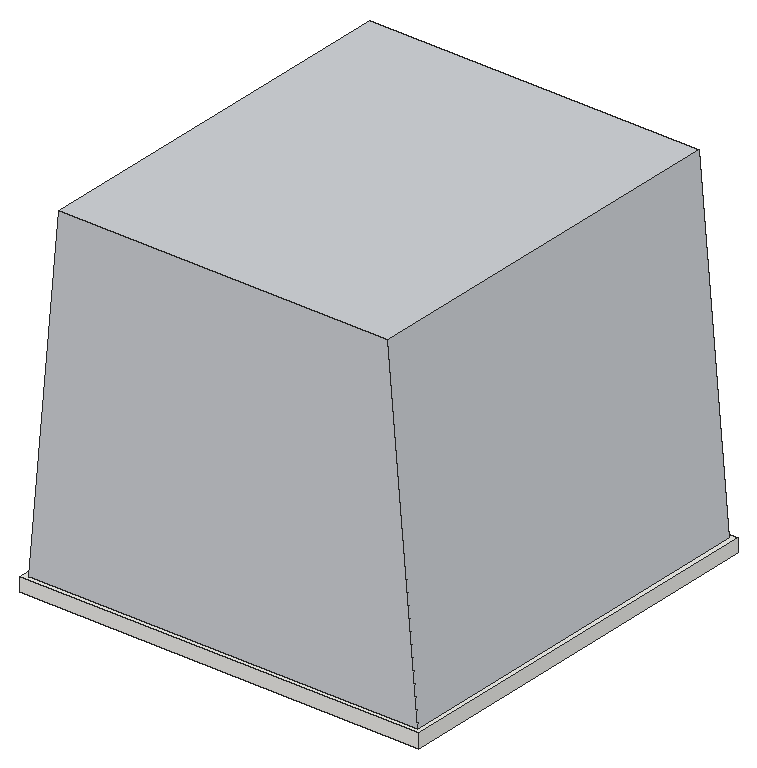
Revit family "MADEL_DIFFUSER _ADJUSTABLE VANES_AXO-S+(BOXSTAR - BOXSTARS)– (1.D1)_0", category Terminales de aire, Revit 2015
Parameters (values of type "AXO-S 300+BOXSTAR")
  n_factor [instance] = if(or(E = 295.0 mm, E = 308.0 mm), 23.878, if(E = 395.0 mm, 23.854, if(E = 495.0 mm, 22.756, if(or(E = 595.0 mm, E = 620.0 mm, E = 670.0 mm), 22.777, if(or(E = 795.0 mm, E = 820.0 mm), 27.287, 1)))))  # 23.878
  m_factor = 1.9099
  c_factor [instance] = if(or(E = 295.0 mm, E = 308.0 mm), 0.1835, if(E = 395.0 mm, 1.4296, if(E = 495.0 mm, 6.3204, if(or(E = 595.0 mm, E = 620.0 mm, E = 670.0 mm), 7.9708, if(or(E = 795.0 mm, E = 820.0 mm), 6.5577, 1)))))  # 0.1835
  b_factor = -2.8597
  V800 = if(or(E = 795.0 mm, E = 820.0 mm), 1 = 1, 1 = 0)  # no
  V600 = if(or(E = 595.0 mm, E = 620.0 mm, E = 670.0 mm), 1 = 1, 1 = 0)  # no
  V500 = if(E = 495.0 mm, 1 = 1, 1 = 0)  # no
  V400 = if(E = 395.0 mm, 1 = 1, 1 = 0)  # no
  V300 = if(or(E = 295.0 mm, E = 308.0 mm), 1 = 1, 1 = 0)  # yes
  T24 [instance] = no
  T15 [instance] = yes
  Standard = "UNE 23-727 M2/ NFP 92-501 M2/ DIN 4102 M2"  # constant formula
  Revit Version = "Revit 2015 - English"  # constant formula
  Review Date = "11/2016"  # constant formula
  R9010 [instance] = no
  R [instance] = yes
  Q [instance] = 155.52 m³/h
  Product Type [instance] = Modelo  # "AXO-S 300+BOXSTAR"
  Product Size = "dim.300"
  Product Reference [instance] = if(BOXSTAR, if(AIS, if(R, if(Nº Options = 4, if(T15, "AXO-S/T15+BOXSTAR-AIS-R", if(T24, "AXO-S/T24+BOXSTAR-AIS-R", "Consult Manufacturer")), if(Nº Options = 3, "AXO-S+BOXSTAR-AIS-R", "Consult Manufacturer")), if(Nº Options = 3, if(T15, "AXO-S/T15+BOXSTAR-AIS", if(T24, "AXO-S/T24+BOXSTAR-AIS", "Consult Manufacturer")), if(Nº Options = 2, "AXO-S+BOXSTAR-AIS", "Consult Manufacturer"))), if(R, if(Nº Options = 3, if(T15, "AXO-S/T15+BOXSTAR-R", if(T24, "AXO-S/T24+BOXSTAR-R", "Consult Manufacturer")), if(Nº Options = 2, "AXO-S+BOXSTAR-R", "Consult Manufacturer")), if(Nº Options = 2, if(T15, "AXO-S/T15+BOXSTAR", if(T24, "AXO-S/T24+BOXSTAR", "Consult Manufacturer")), if(Nº Options = 1, "AXO-S+BOXSTAR", "Consult Manufacturer")))), if([BOXSTAR/S], if(AIS, if(R, if(Nº Options = 4, if(T15, "AXO-S/T15+BOXSTAR/S-AIS-R", if(T24, "AXO-S/T24+BOXSTAR/S-AIS-R", "Consult Manufacturer")), if(Nº Options = 3, "AXO-S+BOXSTAR/S-AIS-R", "Consult Manufacturer")), if(Nº Options = 3, if(T15, "AXO-S/T15+BOXSTAR/S-AIS", if(T24, "AXO-S/T24+BOXSTAR/S-AIS", "Consult Manufacturer")), if(Nº Options = 2, "AXO-S+BOXSTAR/S-AIS", "Consult Manufacturer"))), if(R, if(Nº Options = 3, if(T15, "AXO-S/T15+BOXSTAR/S-R", if(T24, "AXO-S/T24+BOXSTAR/S-R", "Consult Manufacturer")), if(Nº Options = 2, "AXO-S+BOXSTAR/S-R", "Consult Manufacturer")), if(Nº Options = 2, if(T15, "AXO-S/T15+BOXSTAR/S", if(T24, "AXO-S/T24+BOXSTAR/S", "Consult Manufacturer")), if(Nº Options = 1, "AXO-S+BOXSTAR/S", "Consult Manufacturer")))), "Consult Manufacturer"))  # "AXO-S/T15+BOXSTAR-AIS-R"
  Plenum Connection Type [instance] = if(BOXSTAR, "Lateral", "Upper")  # "Lateral"
  Plenum Box = Plenum_BOXSTAR-BOXSTARS (1.D1) : 300
  Nº Plenum Connections [instance] = 1  # constant formula
  Nº Options [instance] = if(AIS, 1, 0) + if(R, 1, 0) + if(T15, 1, 0) + if(T24, 1, 0) + if(BOXSTAR, 1, 0) + if([BOXSTAR/S], 1, 0)  # 4
  Nº Finishes [instance] = if(AB, 1, 0) + if(R9010, 1, 0) + if(M9016, 1, 0)  # 1
  Vmin = 2.5 m/s  # constant formula
  Vmed = (Vmax + Vmin) / 2  # 4.5 m/s
  Vmax = if(or(E = 295.0 mm, E = 308.0 mm), 6.5 m/s, if(E = 395.0 mm, 5.9 m/s, if(E = 495.0 mm, 5.4 m/s, if(or(E = 595.0 mm, E = 620.0 mm, E = 670.0 mm), 5.3 m/s, if(or(E = 795.0 mm, E = 820.0 mm), 4.2 m/s, 1.0 m/s)))))  # 6.5 m/s
  V[m/s] [instance] = Q / Afree / 1.0 m/s  # 4.5
  URL = "http://www.madel.com/en/producto/axo-adjustable-vanes-diffusers/"
  RAL [instance] = ""
  Modelo = "AXO-S 300+BOXSTAR"
  Material and finishes [instance] = if(and(AB, M9016, Nº Finishes = 2), "M9016/AB", if(and(AB, R9010, Nº Finishes = 2), "R9010/AB", if(and(M9016, Nº Finishes = 1), "M9016", if(and(R9010, Nº Finishes = 1), "R9010", if(Nº Finishes = 0, "Custom RAL ", "Consult Manufacturer")))))  # "M9016"
  Material Plenum Box = none
  Material Difusser = MADEL_M9016
  Material Blades = MADEL_AN
  M9016 [instance] = yes
  Imagen de tipo = <Ninguno>
  Lw (dB(A)) [instance] = n_factor * (log([V[m/s]]) / log(2.7183)) + c_factor  # 36.0979
  IfcExportType = "IfcAirTerminalType"  # constant formula
  IfcExportAs = "IfcAirTerminalType"  # constant formula
  Flujo mín. = Vmin * Afree  # 86.4 m³/h
  Flujo máx. = Vmax * Afree  # 224.64 m³/h
  Fabricante = "MADEL"  # constant formula
  Family Version = "1.0"  # constant formula
  E = 295.0 mm
  Diffuser Grill = (R) AXO-S : 300
  Descripción = "MADEL_Adjustable vanes diffusers"  # constant formula
  D_Connector = 125.0 mm
  DPt [instance] = (10 ^ (log(Q / 1 m³/h) * m_factor + b_factor)) * 1.0 Pa  # 21.2032 Pa
  D = E - 20.0 mm  # 275.0 mm
  Comentarios de tipo = "The AXO swirl diffusers are designed to be applied in air conditioning ventilation and heating systems. They can be mounted in false ceilings or suspended from ceiling. The design of their vanes and its radial arrangement in the diffuser cause a swirl air supply with a coanda effect, which provides a high level of induction rate of the air in the atmosphere and reducing the stratification. Their individually adjustable vanes allow to change the supply angle to adjust the diffuser to the different architectonics environments. Their sectored vanes emit a uniform air flow all over the passage section. The AXO series diffusers admit a flow variation of 60% keeping the air stream stable. These diffusers can be used from 2,6 up to 4 meters high and at a temperature differential up to 12ºC."  # constant formula
  Created by = "BIMETRICAL"  # constant formula
  BOXSTAR/S [instance] = if(BOXSTAR, 1 = 0, 1 = 1)  # no
  BOXSTAR [instance] = yes
  BIMETRICAL Category = "AirTerminal"  # constant formula
  BIMETRICAL = "http://www.bimetrical.com"  # constant formula
  Afree = if(or(E = 295.0 mm, E = 308.0 mm), 0.0096 m², if(E = 395.0 mm, 0.0201 m², if(E = 495.0 mm, 0.0290 m², if(or(E = 595.0 mm, E = 620.0 mm, E = 670.0 mm), 0.0440 m², if(or(E = 795.0 mm, E = 820.0 mm), 0.0680 m², 1.0000 m²)))))  # 0.0096 m²
  AIS [instance] = yes
  AB [instance] = no
  A = 280.0 mm
Reference planes
  plane 1 "Centro (Frontal/Posterior)": z = 0
  plane 2: y = 435
  plane 3 "Centro (Izquierda/Derecha)": x = 0
  plane 4: x = -147.5
  plane 5: x = 147.5
  plane 6: y = 287.5
  plane 7: y = 582.5
  plane 8: z = -10
  plane 9: z = 14
Forms (mm)
  Extrusion 1, solid, material "MADEL_M9016" <- "Material Difusser", detail levels coarse
    sketch origin (0, -1220, 0) x (1, 0, 0) y (0, 1, 0)
      loop
        line (-147.5, 1507.5) -> (147.5, 1507.5) -> (147.5, 1802.5) -> (-147.5, 1802.5) -> (-147.5, 1507.5)
    from -10 to 0
  Extrusion 2, solid, material "MADEL_M9016" <- "Material Difusser", detail levels coarse
    sketch origin (0, 0, 0) x (1, 0, 0) y (0, 1, 0)
      loop
        circle (0, 435) r 137.5
    from 0 to 14
Lines and regions (mm)
  symbolic lines, style "0", visible <- "V300"
    curve 1: line (55.166, 466.85, 0) -> (119.512, 504, 0)
    curve 2: line (49.2, 435, 0) -> (123.5, 435, 0)
    curve 3: line (31.85, 490.166, 0) -> (69, 554.512, 0)
    curve 4: line (0, 484.2, 0) -> (0, 558.5, 0)
    curve 5: line (55.166, 403.15, 0) -> (119.512, 366, 0)
    curve 6: line (31.85, 379.834, 0) -> (69, 315.488, 0)
    curve 7: line (0, 385.8, 0) -> (0, 311.5, 0)
    curve 8: line (-55.166, 466.85, 0) -> (-119.512, 504, 0)
    curve 9: line (-31.85, 490.166, 0) -> (-69, 554.512, 0)
    curve 10: line (-55.166, 403.15, 0) -> (-119.512, 366, 0)
    curve 11: line (-31.85, 379.834, 0) -> (-69, 315.488, 0)
    curve 208: line (-49.2, 435, 0) -> (-123.5, 435, 0)
  symbolic lines, style "0", visible <- "V300", not visible
    curve 12: line (-740.365, 118.664, 0) -> (-777.515, 183.009, 0)
    curve 13: line (-708.515, 112.698, 0) -> (-708.515, 186.998, 0)
    curve 14: line (-763.681, 95.348, 0) -> (-828.027, 132.498, 0)
    curve 15: line (-757.715, 63.498, 0) -> (-832.015, 63.498, 0)
    curve 16: line (-676.665, 118.664, 0) -> (-639.515, 183.009, 0)
    curve 17: line (-653.35, 95.348, 0) -> (-589.004, 132.498, 0)
    curve 18: line (-659.315, 63.498, 0) -> (-585.015, 63.498, 0)
    curve 19: line (-740.365, 8.332, 0) -> (-777.515, -56.014, 0)
    curve 20: line (-708.515, 14.298, 0) -> (-708.515, -60.002, 0)
    curve 21: line (-763.681, 31.648, 0) -> (-828.027, -5.502, 0)
    curve 22: line (-676.665, 8.332, 0) -> (-639.515, -56.014, 0)
    curve 23: line (-653.35, 31.648, 0) -> (-589.004, -5.502, 0)
  symbolic lines, style "0", visible <- "V400"
    curve 24: line (-80.254, 376.692, 0) -> (-140.364, 333.019, 0)
    curve 25: line (-101.981, 294.636, 0) -> (-39.029, 381.281, 0)
    curve 26: line (-30.654, 340.655, 0) -> (-53.614, 269.992, 0)
    curve 27: line (0, 368.6, 0) -> (0, 261.5, 0)
    curve 28: line (-63.15, 414.481, 0) -> (-165.008, 381.386, 0)
    curve 29: line (-99.2, 435, 0) -> (-173.5, 435, 0)
    curve 30: line (-80.254, 493.308, 0) -> (-140.364, 536.981, 0)
    curve 31: line (-101.981, 575.364, 0) -> (-39.029, 488.719, 0)
    curve 32: line (-30.654, 529.345, 0) -> (-53.614, 600.008, 0)
    curve 33: line (0, 501.4, 0) -> (0, 608.5, 0)
    curve 34: line (-63.15, 455.519, 0) -> (-165.008, 488.614, 0)
    curve 35: line (80.254, 376.692, 0) -> (140.364, 333.019, 0)
    curve 36: line (101.981, 294.636, 0) -> (39.029, 381.281, 0)
    curve 37: line (30.654, 340.655, 0) -> (53.614, 269.992, 0)
    curve 38: line (63.15, 414.481, 0) -> (165.008, 381.386, 0)
    curve 39: line (99.2, 435, 0) -> (173.5, 435, 0)
    curve 40: line (80.254, 493.308, 0) -> (140.364, 536.981, 0)
    curve 41: line (101.981, 575.364, 0) -> (39.029, 488.719, 0)
    curve 42: line (30.654, 529.345, 0) -> (53.614, 600.008, 0)
    curve 43: line (63.15, 455.519, 0) -> (165.008, 488.614, 0)
  symbolic lines, style "0", visible <- "V400", not visible
    curve 44: line (-596.024, 364.941, 0) -> (-639.696, 425.051, 0)
    curve 45: line (-678.08, 386.667, 0) -> (-591.434, 323.716, 0)
    curve 46: line (-632.061, 315.341, 0) -> (-702.724, 338.301, 0)
    curve 47: line (-604.116, 284.687, 0) -> (-711.216, 284.687, 0)
    curve 48: line (-558.234, 347.837, 0) -> (-591.33, 449.695, 0)
    curve 49: line (-537.716, 383.887, 0) -> (-537.716, 458.187, 0)
    curve 50: line (-479.407, 364.941, 0) -> (-435.735, 425.051, 0)
    curve 51: line (-397.351, 386.667, 0) -> (-483.997, 323.716, 0)
    curve 52: line (-443.371, 315.341, 0) -> (-372.707, 338.301, 0)
    curve 53: line (-471.316, 284.687, 0) -> (-364.216, 284.687, 0)
    curve 54: line (-517.197, 347.837, 0) -> (-484.101, 449.695, 0)
    curve 55: line (-596.024, 204.432, 0) -> (-639.696, 144.322, 0)
    curve 56: line (-678.08, 182.706, 0) -> (-591.434, 245.658, 0)
    curve 57: line (-632.061, 254.032, 0) -> (-702.724, 231.072, 0)
    curve 58: line (-558.234, 221.537, 0) -> (-591.33, 119.678, 0)
    curve 59: line (-537.716, 185.487, 0) -> (-537.716, 111.187, 0)
    curve 60: line (-479.407, 204.432, 0) -> (-435.735, 144.322, 0)
    curve 61: line (-397.351, 182.706, 0) -> (-483.997, 245.658, 0)
    curve 62: line (-443.371, 254.032, 0) -> (-372.707, 231.072, 0)
    curve 63: line (-517.197, 221.537, 0) -> (-484.101, 119.678, 0)
  symbolic lines, style "0", visible <- "V500"
    curve 64: line (222.524, 434.986, 0) -> (77.824, 434.986, 0)
    curve 65: line (143.174, 473.343, 0) -> (214.942, 492.573, 0)
    curve 66: line (67.4, 473.886, 0) -> (192.714, 546.236, 0)
    curve 67: line (104.817, 539.779, 0) -> (157.355, 592.317, 0)
    curve 68: line (38.924, 502.363, 0) -> (111.274, 627.677, 0)
    curve 69: line (57.611, 649.905, 0) -> (38.381, 578.136, 0)
    curve 70: line (0.024, 512.786, 0) -> (0.024, 657.486, 0)
    curve 71: line (143.174, 396.629, 0) -> (214.942, 377.399, 0)
    curve 72: line (67.4, 396.086, 0) -> (192.714, 323.736, 0)
    curve 73: line (104.817, 330.193, 0) -> (157.355, 277.655, 0)
    curve 74: line (38.924, 367.609, 0) -> (111.274, 242.295, 0)
    curve 75: line (57.611, 220.068, 0) -> (38.381, 291.836, 0)
    curve 76: line (0.024, 357.186, 0) -> (0.024, 212.486, 0)
    curve 77: line (-222.476, 434.986, 0) -> (-77.776, 434.986, 0)
    curve 78: line (-143.127, 473.343, 0) -> (-214.895, 492.573, 0)
    curve 79: line (-67.353, 473.886, 0) -> (-192.667, 546.236, 0)
    curve 80: line (-104.77, 539.779, 0) -> (-157.308, 592.317, 0)
    curve 81: line (-38.876, 502.363, 0) -> (-111.226, 627.677, 0)
    curve 82: line (-57.564, 649.905, 0) -> (-38.333, 578.136, 0)
    curve 83: line (-143.127, 396.629, 0) -> (-214.895, 377.399, 0)
    curve 84: line (-67.353, 396.086, 0) -> (-192.667, 323.736, 0)
    curve 85: line (-104.77, 330.193, 0) -> (-157.308, 277.655, 0)
    curve 86: line (-38.876, 367.609, 0) -> (-111.226, 242.295, 0)
    curve 87: line (-57.564, 220.068, 0) -> (-38.333, 291.836, 0)
  symbolic lines, style "0", visible <- "V500", not visible
    curve 88: line (-762.892, 842.571, 0) -> (-762.892, 697.871, 0)
    curve 89: line (-801.249, 763.221, 0) -> (-820.479, 834.989, 0)
    curve 90: line (-801.792, 687.448, 0) -> (-874.142, 812.762, 0)
    curve 91: line (-867.685, 724.864, 0) -> (-920.223, 777.402, 0)
    curve 92: line (-830.269, 658.971, 0) -> (-955.583, 731.321, 0)
    curve 93: line (-977.81, 677.658, 0) -> (-906.042, 658.428, 0)
    curve 94: line (-840.692, 620.071, 0) -> (-985.392, 620.071, 0)
    curve 95: line (-724.535, 763.221, 0) -> (-705.305, 834.989, 0)
    curve 96: line (-723.992, 687.448, 0) -> (-651.642, 812.762, 0)
    curve 97: line (-658.099, 724.864, 0) -> (-605.561, 777.402, 0)
    curve 98: line (-695.515, 658.971, 0) -> (-570.201, 731.321, 0)
    curve 99: line (-547.973, 677.658, 0) -> (-619.742, 658.428, 0)
    curve 100: line (-685.092, 620.071, 0) -> (-540.392, 620.071, 0)
    curve 101: line (-762.892, 397.571, 0) -> (-762.892, 542.271, 0)
    curve 102: line (-801.249, 476.921, 0) -> (-820.479, 405.152, 0)
    curve 103: line (-801.792, 552.694, 0) -> (-874.142, 427.38, 0)
    curve 104: line (-867.685, 515.278, 0) -> (-920.223, 462.74, 0)
    curve 105: line (-830.269, 581.171, 0) -> (-955.583, 508.821, 0)
    curve 106: line (-977.81, 562.484, 0) -> (-906.042, 581.714, 0)
    curve 107: line (-724.535, 476.921, 0) -> (-705.305, 405.152, 0)
    curve 108: line (-723.992, 552.694, 0) -> (-651.642, 427.38, 0)
    curve 109: line (-658.099, 515.278, 0) -> (-605.561, 462.74, 0)
    curve 110: line (-695.515, 581.171, 0) -> (-570.201, 508.821, 0)
    curve 111: line (-547.973, 562.484, 0) -> (-619.742, 581.714, 0)
  symbolic lines, style "0", visible <- "V600"
    curve 112: line (274.384, 434.986, 0) -> (64.284, 434.986, 0)
    curve 113: line (161.288, 477.795, 0) -> (264.738, 505.514, 0)
    curve 114: line (55.875, 466.366, 0) -> (237.827, 571.416, 0)
    curve 115: line (118.479, 551.942, 0) -> (194.21, 627.673, 0)
    curve 116: line (32.904, 489.338, 0) -> (137.954, 671.29, 0)
    curve 117: line (72.052, 698.201, 0) -> (44.332, 594.75, 0)
    curve 118: line (1.524, 497.746, 0) -> (1.524, 707.846, 0)
    curve 119: line (161.288, 392.177, 0) -> (264.738, 364.458, 0)
    curve 120: line (55.875, 403.606, 0) -> (237.827, 298.556, 0)
    curve 121: line (118.479, 318.031, 0) -> (194.21, 242.299, 0)
    curve 122: line (32.904, 380.634, 0) -> (137.954, 198.682, 0)
    curve 123: line (72.052, 171.771, 0) -> (44.332, 275.222, 0)
    curve 124: line (1.524, 372.226, 0) -> (1.524, 162.126, 0)
    curve 125: line (-271.336, 434.986, 0) -> (-61.236, 434.986, 0)
    curve 126: line (-158.24, 477.795, 0) -> (-261.691, 505.514, 0)
    curve 127: line (-52.828, 466.366, 0) -> (-234.78, 571.416, 0)
    curve 128: line (-115.432, 551.942, 0) -> (-191.163, 627.673, 0)
    curve 129: line (-29.856, 489.338, 0) -> (-134.906, 671.29, 0)
    curve 130: line (-69.005, 698.201, 0) -> (-41.285, 594.75, 0)
    curve 131: line (-158.24, 392.177, 0) -> (-261.691, 364.458, 0)
    curve 132: line (-52.828, 403.606, 0) -> (-234.78, 298.556, 0)
    curve 133: line (-115.432, 318.031, 0) -> (-191.163, 242.299, 0)
    curve 134: line (-29.856, 380.634, 0) -> (-134.906, 198.682, 0)
    curve 135: line (-69.005, 171.771, 0) -> (-41.285, 275.222, 0)
  symbolic lines, style "0", visible <- "V600", not visible
    curve 136: line (-880.955, -7.021, 0) -> (-880.955, -217.121, 0)
    curve 137: line (-923.763, -120.117, 0) -> (-951.483, -16.666, 0)
    curve 138: line (-912.335, -225.529, 0) -> (-1017.385, -43.577, 0)
    curve 139: line (-997.91, -162.926, 0) -> (-1073.641, -87.194, 0)
    curve 140: line (-935.307, -248.501, 0) -> (-1117.258, -143.451, 0)
    curve 141: line (-1144.17, -209.353, 0) -> (-1040.719, -237.072, 0)
    curve 142: line (-943.715, -279.881, 0) -> (-1153.815, -279.881, 0)
    curve 143: line (-838.146, -120.117, 0) -> (-810.427, -16.666, 0)
    curve 144: line (-849.575, -225.529, 0) -> (-744.525, -43.577, 0)
    curve 145: line (-763.999, -162.926, 0) -> (-688.268, -87.194, 0)
    curve 146: line (-826.603, -248.501, 0) -> (-644.651, -143.451, 0)
    curve 147: line (-617.74, -209.353, 0) -> (-721.191, -237.072, 0)
    curve 148: line (-818.195, -279.881, 0) -> (-608.095, -279.881, 0)
    curve 149: line (-880.955, -552.741, 0) -> (-880.955, -342.641, 0)
    curve 150: line (-923.763, -439.645, 0) -> (-951.483, -543.096, 0)
    curve 151: line (-912.335, -334.233, 0) -> (-1017.385, -516.185, 0)
    curve 152: line (-997.91, -396.837, 0) -> (-1073.641, -472.568, 0)
    curve 153: line (-935.307, -311.261, 0) -> (-1117.258, -416.311, 0)
    curve 154: line (-1144.17, -350.409, 0) -> (-1040.719, -322.69, 0)
    curve 155: line (-838.146, -439.645, 0) -> (-810.427, -543.096, 0)
    curve 156: line (-849.575, -334.233, 0) -> (-744.525, -516.185, 0)
    curve 157: line (-763.999, -396.837, 0) -> (-688.268, -472.568, 0)
    curve 158: line (-826.603, -311.261, 0) -> (-644.651, -416.311, 0)
    curve 159: line (-617.74, -350.409, 0) -> (-721.191, -322.69, 0)
  symbolic lines, style "0", visible <- "V800"
    curve 160: line (0, 62.62, 0) -> (0, 342.82, 0)
    curve 161: line (-41.996, 278.269, 0) -> (-96.374, 75.328, 0)
    curve 162: line (-186.19, 112.509, 0) -> (-46.09, 355.17, 0)
    curve 163: line (-114.735, 320.265, 0) -> (-263.298, 171.702, 0)
    curve 164: line (-79.83, 388.91, 0) -> (-322.491, 248.81, 0)
    curve 165: line (-156.731, 393.004, 0) -> (-359.672, 338.626, 0)
    curve 166: line (-92.18, 435, 0) -> (-372.38, 435, 0)
    curve 167: line (0, 807.38, 0) -> (0, 527.18, 0)
    curve 168: line (-41.996, 591.731, 0) -> (-96.374, 794.672, 0)
    curve 169: line (-186.19, 757.491, 0) -> (-46.09, 514.83, 0)
    curve 170: line (-114.735, 549.735, 0) -> (-263.298, 698.298, 0)
    curve 171: line (-79.83, 481.09, 0) -> (-322.491, 621.19, 0)
    curve 172: line (-156.731, 476.996, 0) -> (-359.672, 531.374, 0)
    curve 173: line (41.996, 278.269, 0) -> (96.374, 75.328, 0)
    curve 174: line (186.19, 112.509, 0) -> (46.09, 355.17, 0)
    curve 175: line (114.735, 320.265, 0) -> (263.298, 171.702, 0)
    curve 176: line (79.83, 388.91, 0) -> (322.491, 248.81, 0)
    curve 177: line (156.731, 393.004, 0) -> (359.672, 338.626, 0)
    curve 178: line (92.18, 435, 0) -> (372.38, 435, 0)
    curve 179: line (41.996, 591.731, 0) -> (96.374, 794.672, 0)
    curve 180: line (186.19, 757.491, 0) -> (46.09, 514.83, 0)
    curve 181: line (114.735, 549.735, 0) -> (263.298, 698.298, 0)
    curve 182: line (79.83, 481.09, 0) -> (322.491, 621.19, 0)
    curve 183: line (156.731, 476.996, 0) -> (359.672, 531.374, 0)
  symbolic lines, style "0", visible <- "V800", not visible
    curve 184: line (-1418.736, -311.294, 0) -> (-1138.536, -311.294, 0)
    curve 185: line (-1203.087, -269.298, 0) -> (-1406.028, -214.92, 0)
    curve 186: line (-1368.846, -125.104, 0) -> (-1126.186, -265.204, 0)
    curve 187: line (-1161.091, -196.559, 0) -> (-1309.654, -47.996, 0)
    curve 188: line (-1092.446, -231.464, 0) -> (-1232.546, 11.197, 0)
    curve 189: line (-1088.352, -154.563, 0) -> (-1142.73, 48.378, 0)
    curve 190: line (-1046.356, -219.114, 0) -> (-1046.356, 61.086, 0)
    curve 191: line (-673.976, -311.294, 0) -> (-954.176, -311.294, 0)
    curve 192: line (-889.625, -269.298, 0) -> (-686.684, -214.92, 0)
    curve 193: line (-723.865, -125.104, 0) -> (-966.526, -265.204, 0)
    curve 194: line (-931.621, -196.559, 0) -> (-783.058, -47.996, 0)
    curve 195: line (-1000.266, -231.464, 0) -> (-860.166, 11.197, 0)
    curve 196: line (-1004.36, -154.563, 0) -> (-949.982, 48.378, 0)
    curve 197: line (-1203.087, -353.29, 0) -> (-1406.028, -407.668, 0)
    curve 198: line (-1368.846, -497.484, 0) -> (-1126.186, -357.384, 0)
    curve 199: line (-1161.091, -426.029, 0) -> (-1309.654, -574.592, 0)
    curve 200: line (-1092.446, -391.124, 0) -> (-1232.546, -633.785, 0)
    curve 201: line (-1088.352, -468.025, 0) -> (-1142.73, -670.966, 0)
    curve 202: line (-1046.356, -403.474, 0) -> (-1046.356, -683.674, 0)
    curve 203: line (-889.625, -353.29, 0) -> (-686.684, -407.668, 0)
    curve 204: line (-723.865, -497.484, 0) -> (-966.526, -357.384, 0)
    curve 205: line (-931.621, -426.029, 0) -> (-783.058, -574.592, 0)
    curve 206: line (-1000.266, -391.124, 0) -> (-860.166, -633.785, 0)
    curve 207: line (-1004.36, -468.025, 0) -> (-949.982, -670.966, 0)
  symbolic lines, style "0"
    curve 209: line (-147.5, 582.5, 0) -> (-147.5, 287.5, 0)
    curve 210: line (-147.5, 287.5, 0) -> (147.5, 287.5, 0)
    curve 211: line (147.5, 287.5, 0) -> (147.5, 582.5, 0)
    curve 212: line (147.5, 582.5, 0) -> (-147.5, 582.5, 0)
Dimensions and locks
  equal spacing: plane 7, plane 2, plane 6
  "E": plane 7 to plane 6
  locked: plane 1 "Centro (Frontal/Posterior)" to plane 8 at 10
  equal spacing: plane 4, plane 3 "Centro (Izquierda/Derecha)", plane 5
  locked: plane 9 to plane 1 "Centro (Frontal/Posterior)" at 14
  "E": plane 4 to plane 5
  "D": diameter of Extrusion 2 sketch curve
  aligned and locked: Extrusion 1 to plane 8
  aligned and locked: Extrusion 1 to plane 1 "Centro (Frontal/Posterior)"
  aligned and locked: Extrusion 1 sketch curve to plane 4
  aligned and locked: plane 7 to Extrusion 1 sketch curve
  aligned and locked: plane 5 to Extrusion 1 sketch curve
  aligned and locked: Extrusion 1 sketch curve to plane 6
  aligned and locked: plane 1 "Centro (Frontal/Posterior)" to Extrusion 2
  aligned and locked: plane 9 to Extrusion 2
  aligned and locked: plane 3 "Centro (Izquierda/Derecha)" to Extrusion 2 sketch curve
  aligned and locked: plane 2 to Extrusion 2 sketch curve
  aligned and locked: plane 7 to curve 212
  aligned and locked: curve 209 to plane 4
  aligned and locked: plane 5 to curve 211
  aligned and locked: curve 210 to plane 6
Automatic sketch dimensions
  curve 4 to curve 3 = 3.988 mm
  curve 4 to curve 9 = 3.988 mm
  curve 9 to curve 8 = 50.512 mm
  curve 3 to curve 1 = 50.512 mm  (x2)
  curve 3 to curve 3 = 64.346 mm
  curve 9 to curve 3 = 0.0 mm
  curve 3 to curve 4 = 5.966 mm
  curve 3 to curve 1 = 23.316 mm
  curve 9 to curve 8 = 23.316 mm
  curve 8 to curve 208 = 31.85 mm
  curve 1 to curve 2 = 31.85 mm
  curve 208 to curve 10 = 31.85 mm
  curve 2 to curve 5 = 31.85 mm
  curve 5 to curve 7 = 17.35 mm
  curve 7 to curve 11 = 5.966 mm
  curve 7 to curve 6 = 5.966 mm
  curve 2 to curve 5 = 69.0 mm
  curve 208 to curve 10 = 69.0 mm
  curve 5 to curve 6 = 50.512 mm
  curve 10 to curve 11 = 50.512 mm  (x2)
  curve 6 to curve 7 = 3.988 mm
  curve 208 to curve 8 = 3.988 mm
  curve 208 to curve 10 = 3.988 mm
  curve 8 to curve 9 = 50.512 mm
  curve 10 to curve 10 = 64.346 mm
  curve 8 to curve 10 = 0.0 mm
  curve 10 to curve 208 = 5.966 mm
  curve 10 to curve 11 = 23.316 mm
  curve 8 to curve 9 = 23.316 mm
  curve 9 to curve 4 = 69.0 mm
  curve 4 to curve 3 = 31.85 mm
  curve 7 to curve 6 = 31.85 mm
  curve 6 to curve 2 = 17.35 mm
  curve 2 to curve 1 = 5.966 mm
  curve 2 to curve 5 = 5.966 mm
  curve 4 to curve 3 = 69.0 mm
  curve 7 to curve 6 = 69.0 mm
  curve 6 to curve 5 = 50.512 mm
  curve 5 to curve 2 = 3.988 mm
  curve 15 to curve 14 = 3.988 mm
  curve 15 to curve 21 = 3.988 mm
  curve 21 to curve 19 = 50.512 mm
  curve 14 to curve 12 = 50.512 mm  (x2)
  curve 14 to curve 14 = 64.346 mm
  curve 21 to curve 14 = 0.0 mm
  curve 14 to curve 15 = 5.966 mm
  curve 14 to curve 12 = 23.316 mm
  curve 21 to curve 19 = 23.316 mm
  curve 19 to curve 20 = 31.85 mm
  curve 12 to curve 13 = 31.85 mm
  curve 20 to curve 22 = 31.85 mm
  curve 13 to curve 16 = 31.85 mm
  curve 16 to curve 18 = 17.35 mm
  curve 18 to curve 23 = 5.966 mm
  curve 18 to curve 17 = 5.966 mm
  curve 13 to curve 16 = 69.0 mm
  curve 20 to curve 22 = 69.0 mm
  curve 16 to curve 17 = 50.512 mm
  curve 22 to curve 23 = 50.512 mm  (x2)
  curve 17 to curve 18 = 3.988 mm
  curve 20 to curve 19 = 3.988 mm
  curve 20 to curve 22 = 3.988 mm
  curve 19 to curve 21 = 50.512 mm
  curve 22 to curve 22 = 64.346 mm
  curve 19 to curve 22 = 0.0 mm
  curve 22 to curve 20 = 5.966 mm
  curve 22 to curve 23 = 23.316 mm
  curve 19 to curve 21 = 23.316 mm
  curve 21 to curve 15 = 69.0 mm
  curve 15 to curve 14 = 31.85 mm
  curve 18 to curve 17 = 31.85 mm
  curve 17 to curve 13 = 17.35 mm
  curve 13 to curve 12 = 5.966 mm
  curve 13 to curve 16 = 5.966 mm
  curve 15 to curve 14 = 69.0 mm
  curve 18 to curve 17 = 69.0 mm
  curve 17 to curve 16 = 50.512 mm
  curve 16 to curve 13 = 3.988 mm
  curve 27 to curve 26 = 8.492 mm
  curve 27 to curve 37 = 8.492 mm
  curve 37 to curve 36 = 24.644 mm
  curve 26 to curve 25 = 24.644 mm
  curve 25 to curve 24 = 38.384 mm  (x2)
  curve 36 to curve 35 = 38.384 mm
  curve 37 to curve 37 = 70.663 mm
  curve 26 to curve 37 = 0.0 mm
  curve 37 to curve 27 = 27.945 mm
  curve 37 to curve 35 = 36.037 mm
  curve 26 to curve 24 = 36.037 mm
  curve 27 to curve 25 = 12.681 mm
  curve 27 to curve 36 = 12.681 mm
  curve 35 to curve 38 = 48.366 mm
  curve 24 to curve 28 = 48.366 mm
  curve 36 to curve 38 = 33.2 mm
  curve 25 to curve 28 = 33.2 mm
  curve 38 to curve 39 = 20.519 mm
  curve 28 to curve 29 = 20.519 mm
  curve 38 to curve 43 = 41.037 mm
  curve 28 to curve 34 = 41.037 mm
  curve 29 to curve 34 = 53.614 mm
  curve 39 to curve 43 = 53.614 mm
  curve 43 to curve 41 = 33.2 mm
  curve 34 to curve 31 = 33.2 mm
  curve 31 to curve 30 = 4.59 mm
  curve 43 to curve 40 = 37.79 mm
  curve 41 to curve 33 = 12.681 mm
  curve 33 to curve 42 = 27.945 mm
  curve 33 to curve 32 = 27.945 mm
  curve 34 to curve 30 = 48.366 mm
  curve 43 to curve 40 = 48.366 mm
  curve 30 to curve 31 = 38.384 mm
  curve 40 to curve 41 = 38.384 mm  (x2)
  curve 31 to curve 32 = 24.644 mm
  curve 41 to curve 42 = 24.644 mm
  curve 42 to curve 33 = 8.492 mm
  curve 39 to curve 38 = 8.492 mm
  curve 39 to curve 43 = 8.492 mm
  curve 38 to curve 35 = 24.644 mm
  curve 43 to curve 40 = 24.644 mm
  curve 35 to curve 36 = 38.384 mm
  curve 39 to curve 39 = 74.3 mm
  curve 39 to curve 40 = 18.946 mm
  curve 39 to curve 35 = 18.946 mm
  curve 39 to curve 43 = 36.05 mm
  curve 38 to curve 43 = 0.0 mm
  curve 36 to curve 37 = 48.366 mm
  curve 41 to curve 42 = 48.366 mm
  curve 38 to curve 36 = 24.121 mm
  curve 43 to curve 41 = 24.121 mm
  curve 36 to curve 37 = 8.374 mm
  curve 41 to curve 42 = 8.374 mm
  curve 42 to curve 33 = 53.614 mm
  curve 36 to curve 27 = 39.029 mm
  curve 27 to curve 26 = 30.654 mm
  curve 33 to curve 32 = 30.654 mm
  curve 27 to curve 25 = 39.029 mm
  curve 33 to curve 31 = 39.029 mm
  curve 27 to curve 26 = 53.614 mm
  curve 33 to curve 32 = 53.614 mm
  curve 25 to curve 28 = 24.121 mm
  curve 31 to curve 34 = 24.121 mm
  curve 31 to curve 30 = 41.226 mm
  curve 25 to curve 24 = 41.226 mm
  curve 34 to curve 29 = 36.05 mm
  curve 32 to curve 31 = 48.366 mm
  curve 26 to curve 25 = 48.366 mm
  curve 31 to curve 30 = 38.384 mm
  curve 24 to curve 28 = 24.644 mm
  curve 30 to curve 34 = 24.644 mm
  curve 34 to curve 29 = 8.492 mm
  curve 47 to curve 46 = 8.492 mm
  curve 47 to curve 57 = 8.492 mm
  curve 57 to curve 56 = 24.644 mm
  curve 46 to curve 45 = 24.644 mm
  curve 45 to curve 44 = 38.384 mm  (x2)
  curve 56 to curve 55 = 38.384 mm
  curve 57 to curve 57 = 70.663 mm
  curve 46 to curve 57 = 0.0 mm
  curve 57 to curve 47 = 27.945 mm
  curve 57 to curve 55 = 36.037 mm
  curve 46 to curve 44 = 36.037 mm
  curve 47 to curve 45 = 12.681 mm
  curve 47 to curve 56 = 12.681 mm
  curve 55 to curve 58 = 48.366 mm
  curve 44 to curve 48 = 48.366 mm
  curve 56 to curve 58 = 33.2 mm
  curve 45 to curve 48 = 33.2 mm
  curve 58 to curve 59 = 20.519 mm
  curve 48 to curve 49 = 20.519 mm
  curve 58 to curve 63 = 41.037 mm
  curve 48 to curve 54 = 41.037 mm
  curve 49 to curve 54 = 53.614 mm
  curve 59 to curve 63 = 53.614 mm
  curve 63 to curve 61 = 33.2 mm
  curve 54 to curve 51 = 33.2 mm
  curve 51 to curve 50 = 4.59 mm
  curve 63 to curve 60 = 37.79 mm
  curve 61 to curve 53 = 12.681 mm
  curve 53 to curve 62 = 27.945 mm
  curve 53 to curve 52 = 27.945 mm
  curve 54 to curve 50 = 48.366 mm
  curve 63 to curve 60 = 48.366 mm
  curve 50 to curve 51 = 38.384 mm
  curve 60 to curve 61 = 38.384 mm  (x2)
  curve 51 to curve 52 = 24.644 mm
  curve 61 to curve 62 = 24.644 mm
  curve 62 to curve 53 = 8.492 mm
  curve 59 to curve 58 = 8.492 mm
  curve 59 to curve 63 = 8.492 mm
  curve 58 to curve 55 = 24.644 mm
  curve 63 to curve 60 = 24.644 mm
  curve 55 to curve 56 = 38.384 mm
  curve 59 to curve 59 = 74.3 mm
  curve 59 to curve 60 = 18.946 mm
  curve 59 to curve 55 = 18.946 mm
  curve 59 to curve 63 = 36.05 mm
  curve 58 to curve 63 = 0.0 mm
  curve 56 to curve 57 = 48.366 mm
  curve 61 to curve 62 = 48.366 mm
  curve 58 to curve 56 = 24.121 mm
  curve 63 to curve 61 = 24.121 mm
  curve 56 to curve 57 = 8.374 mm
  curve 61 to curve 62 = 8.374 mm
  curve 62 to curve 53 = 53.614 mm
  curve 56 to curve 47 = 39.029 mm
  curve 47 to curve 46 = 30.654 mm
  curve 53 to curve 52 = 30.654 mm
  curve 47 to curve 45 = 39.029 mm
  curve 53 to curve 51 = 39.029 mm
  curve 47 to curve 46 = 53.614 mm
  curve 53 to curve 52 = 53.614 mm
  curve 45 to curve 48 = 24.121 mm
  curve 51 to curve 54 = 24.121 mm
  curve 51 to curve 50 = 41.226 mm
  curve 45 to curve 44 = 41.226 mm
  curve 54 to curve 49 = 36.05 mm
  curve 52 to curve 51 = 48.366 mm
  curve 46 to curve 45 = 48.366 mm
  curve 51 to curve 50 = 38.384 mm
  curve 44 to curve 48 = 24.644 mm
  curve 50 to curve 54 = 24.644 mm
  curve 54 to curve 49 = 8.492 mm
  curve 70 to curve 69 = 7.582 mm
  curve 70 to curve 82 = 7.582 mm
  curve 82 to curve 81 = 22.228 mm
  curve 69 to curve 68 = 22.228 mm
  curve 81 to curve 80 = 35.359 mm
  curve 68 to curve 67 = 35.359 mm
  curve 82 to curve 82 = 71.768 mm
  curve 69 to curve 69 = 71.768 mm
  curve 80 to curve 79 = 46.081 mm
  curve 67 to curve 66 = 46.081 mm
  curve 80 to curve 80 = 52.538 mm  (x2)
  curve 67 to curve 67 = 52.538 mm
  curve 82 to curve 70 = 65.35 mm
  curve 70 to curve 68 = 10.423 mm
  curve 70 to curve 81 = 10.423 mm
  curve 66 to curve 65 = 53.663 mm
  curve 79 to curve 78 = 53.663 mm
  curve 68 to curve 66 = 28.477 mm  (x2)
  curve 81 to curve 79 = 28.477 mm
  curve 78 to curve 78 = 19.23 mm
  curve 65 to curve 65 = 19.23 mm
  curve 66 to curve 64 = 38.9 mm
  curve 78 to curve 77 = 57.587 mm
  curve 77 to curve 83 = 38.357 mm
  curve 64 to curve 71 = 38.357 mm
  curve 64 to curve 72 = 38.9 mm
  curve 77 to curve 84 = 38.9 mm
  curve 64 to curve 71 = 57.587 mm
  curve 77 to curve 83 = 57.587 mm
  curve 84 to curve 86 = 28.477 mm  (x2)
  curve 72 to curve 74 = 28.477 mm
  curve 86 to curve 76 = 10.423 mm
  curve 72 to curve 73 = 65.893 mm
  curve 86 to curve 85 = 37.416 mm
  curve 71 to curve 72 = 53.663 mm
  curve 83 to curve 84 = 53.663 mm
  curve 76 to curve 87 = 65.35 mm
  curve 74 to curve 75 = 75.773 mm
  curve 84 to curve 85 = 46.081 mm
  curve 72 to curve 73 = 46.081 mm
  curve 85 to curve 86 = 35.359 mm
  curve 73 to curve 74 = 35.359 mm
  curve 86 to curve 87 = 22.228 mm
  curve 74 to curve 75 = 22.228 mm
  curve 87 to curve 76 = 7.582 mm
  curve 77 to curve 78 = 7.582 mm
  curve 77 to curve 83 = 7.582 mm
  curve 78 to curve 79 = 22.228 mm
  curve 83 to curve 84 = 22.228 mm
  curve 84 to curve 85 = 35.359 mm
  curve 79 to curve 80 = 35.359 mm
  curve 83 to curve 83 = 71.768 mm
  curve 78 to curve 78 = 71.768 mm
  curve 85 to curve 86 = 46.081 mm
  curve 80 to curve 81 = 46.081 mm
  curve 85 to curve 85 = 52.538 mm
  curve 78 to curve 77 = 65.35 mm
  curve 77 to curve 84 = 10.423 mm
  curve 77 to curve 79 = 10.423 mm
  curve 86 to curve 87 = 53.663 mm
  curve 81 to curve 82 = 53.663 mm
  curve 79 to curve 81 = 28.477 mm
  curve 82 to curve 82 = 19.23 mm
  curve 87 to curve 87 = 19.23 mm
  curve 81 to curve 70 = 38.9 mm
  curve 86 to curve 76 = 38.9 mm
  curve 70 to curve 69 = 38.357 mm
  curve 76 to curve 75 = 38.357 mm
  curve 76 to curve 74 = 38.9 mm
  curve 70 to curve 68 = 38.9 mm
  curve 70 to curve 69 = 57.587 mm
  curve 76 to curve 75 = 57.587 mm
  curve 74 to curve 72 = 28.477 mm
  curve 66 to curve 64 = 10.423 mm
  curve 72 to curve 73 = 37.416 mm
  curve 66 to curve 67 = 37.416 mm
  curve 75 to curve 74 = 53.663 mm
  curve 69 to curve 68 = 53.663 mm
  curve 66 to curve 65 = 75.773 mm
  curve 72 to curve 71 = 75.773 mm
  curve 74 to curve 73 = 46.081 mm
  curve 68 to curve 67 = 46.081 mm
  curve 67 to curve 66 = 35.359 mm
  curve 73 to curve 72 = 35.359 mm
  curve 72 to curve 71 = 22.228 mm
  curve 66 to curve 65 = 22.228 mm
  curve 65 to curve 64 = 7.582 mm
  curve 94 to curve 93 = 7.582 mm
  curve 94 to curve 106 = 7.582 mm
  curve 106 to curve 105 = 22.228 mm
  curve 93 to curve 92 = 22.228 mm
  curve 105 to curve 104 = 35.359 mm
  curve 92 to curve 91 = 35.359 mm
  curve 106 to curve 106 = 71.768 mm
  curve 93 to curve 93 = 71.768 mm
  curve 104 to curve 103 = 46.081 mm
  curve 91 to curve 90 = 46.081 mm
  curve 104 to curve 104 = 52.538 mm  (x2)
  curve 91 to curve 91 = 52.538 mm
  curve 106 to curve 94 = 65.35 mm
  curve 94 to curve 92 = 10.423 mm
  curve 94 to curve 105 = 10.423 mm
  curve 90 to curve 89 = 53.663 mm
  curve 103 to curve 102 = 53.663 mm
  curve 92 to curve 90 = 28.477 mm  (x2)
  curve 105 to curve 103 = 28.477 mm
  curve 102 to curve 102 = 19.23 mm
  curve 89 to curve 89 = 19.23 mm
  curve 90 to curve 88 = 38.9 mm
  curve 102 to curve 101 = 57.587 mm
  curve 101 to curve 107 = 38.357 mm
  curve 88 to curve 95 = 38.357 mm
  curve 88 to curve 96 = 38.9 mm
  curve 101 to curve 108 = 38.9 mm
  curve 88 to curve 95 = 57.587 mm
  curve 101 to curve 107 = 57.587 mm
  curve 108 to curve 110 = 28.477 mm  (x2)
  curve 96 to curve 98 = 28.477 mm
  curve 110 to curve 100 = 10.423 mm
  curve 96 to curve 97 = 65.893 mm
  curve 110 to curve 109 = 37.416 mm
  curve 95 to curve 96 = 53.663 mm
  curve 107 to curve 108 = 53.663 mm
  curve 100 to curve 111 = 65.35 mm
  curve 98 to curve 99 = 75.773 mm
  curve 108 to curve 109 = 46.081 mm
  curve 96 to curve 97 = 46.081 mm
  curve 109 to curve 110 = 35.359 mm
  curve 97 to curve 98 = 35.359 mm
  curve 110 to curve 111 = 22.228 mm
  curve 98 to curve 99 = 22.228 mm
  curve 111 to curve 100 = 7.582 mm
  curve 101 to curve 102 = 7.582 mm
  curve 101 to curve 107 = 7.582 mm
  curve 102 to curve 103 = 22.228 mm
  curve 107 to curve 108 = 22.228 mm
  curve 108 to curve 109 = 35.359 mm
  curve 103 to curve 104 = 35.359 mm
  curve 107 to curve 107 = 71.768 mm
  curve 102 to curve 102 = 71.768 mm
  curve 109 to curve 110 = 46.081 mm
  curve 104 to curve 105 = 46.081 mm
  curve 109 to curve 109 = 52.538 mm
  curve 102 to curve 101 = 65.35 mm
  curve 101 to curve 108 = 10.423 mm
  curve 101 to curve 103 = 10.423 mm
  curve 110 to curve 111 = 53.663 mm
  curve 105 to curve 106 = 53.663 mm
  curve 103 to curve 105 = 28.477 mm
  curve 106 to curve 106 = 19.23 mm
  curve 111 to curve 111 = 19.23 mm
  curve 105 to curve 94 = 38.9 mm
  curve 110 to curve 100 = 38.9 mm
  curve 94 to curve 93 = 38.357 mm
  curve 100 to curve 99 = 38.357 mm
  curve 100 to curve 98 = 38.9 mm
  curve 94 to curve 92 = 38.9 mm
  curve 94 to curve 93 = 57.587 mm
  curve 100 to curve 99 = 57.587 mm
  curve 98 to curve 96 = 28.477 mm
  curve 90 to curve 88 = 10.423 mm
  curve 96 to curve 97 = 37.416 mm
  curve 90 to curve 91 = 37.416 mm
  curve 99 to curve 98 = 53.663 mm
  curve 93 to curve 92 = 53.663 mm
  curve 90 to curve 89 = 75.773 mm
  curve 96 to curve 95 = 75.773 mm
  curve 98 to curve 97 = 46.081 mm
  curve 92 to curve 91 = 46.081 mm
  curve 91 to curve 90 = 35.359 mm
  curve 97 to curve 96 = 35.359 mm
  curve 96 to curve 95 = 22.228 mm
  curve 90 to curve 89 = 22.228 mm
  curve 89 to curve 88 = 7.582 mm
  curve 118 to curve 130 = 9.645 mm
  curve 118 to curve 117 = 9.645 mm
  curve 117 to curve 116 = 26.911 mm
  curve 130 to curve 129 = 26.911 mm
  curve 129 to curve 128 = 43.617 mm
  curve 116 to curve 115 = 43.617 mm
  curve 130 to curve 130 = 103.451 mm
  curve 130 to curve 117 = 0.0 mm
  curve 115 to curve 114 = 56.257 mm
  curve 128 to curve 127 = 56.257 mm
  curve 130 to curve 128 = 42.809 mm
  curve 117 to curve 115 = 42.809 mm
  curve 127 to curve 126 = 65.902 mm
  curve 114 to curve 113 = 65.902 mm
  curve 130 to curve 118 = 97.004 mm
  curve 118 to curve 116 = 8.408 mm
  curve 118 to curve 129 = 8.408 mm
  curve 115 to curve 113 = 74.147 mm
  curve 128 to curve 126 = 74.147 mm
  curve 129 to curve 127 = 22.972 mm
  curve 116 to curve 114 = 22.972 mm  (x2)
  curve 114 to curve 112 = 31.38 mm
  curve 126 to curve 125 = 70.528 mm
  curve 125 to curve 132 = 31.38 mm
  curve 112 to curve 120 = 31.38 mm
  curve 126 to curve 131 = 85.617 mm
  curve 113 to curve 119 = 85.617 mm
  curve 132 to curve 134 = 22.972 mm  (x2)
  curve 120 to curve 122 = 22.972 mm
  curve 122 to curve 124 = 8.408 mm
  curve 125 to curve 131 = 70.528 mm
  curve 112 to curve 119 = 70.528 mm
  curve 131 to curve 133 = 74.147 mm
  curve 119 to curve 121 = 74.147 mm
  curve 131 to curve 132 = 65.902 mm
  curve 119 to curve 120 = 65.902 mm
  curve 121 to curve 123 = 42.809 mm
  curve 133 to curve 135 = 42.809 mm
  curve 132 to curve 133 = 56.257 mm
  curve 120 to curve 121 = 56.257 mm
  curve 133 to curve 134 = 43.617 mm
  curve 121 to curve 122 = 43.617 mm
  curve 134 to curve 135 = 26.911 mm
  curve 122 to curve 123 = 26.911 mm
  curve 123 to curve 124 = 9.645 mm
  curve 125 to curve 131 = 9.645 mm
  curve 125 to curve 126 = 9.645 mm
  curve 126 to curve 127 = 26.911 mm
  curve 131 to curve 132 = 26.911 mm
  curve 127 to curve 128 = 43.617 mm
  curve 132 to curve 133 = 43.617 mm
  curve 131 to curve 131 = 103.451 mm
  curve 126 to curve 131 = 0.0 mm
  curve 128 to curve 129 = 56.257 mm
  curve 133 to curve 134 = 56.257 mm
  curve 131 to curve 133 = 42.809 mm
  curve 126 to curve 128 = 42.809 mm
  curve 129 to curve 130 = 65.902 mm
  curve 134 to curve 135 = 65.902 mm
  curve 126 to curve 125 = 97.004 mm
  curve 125 to curve 132 = 8.408 mm
  curve 125 to curve 127 = 8.408 mm
  curve 128 to curve 130 = 74.147 mm
  curve 133 to curve 135 = 74.147 mm
  curve 127 to curve 129 = 22.972 mm
  curve 129 to curve 118 = 31.38 mm
  curve 134 to curve 124 = 31.38 mm
  curve 118 to curve 116 = 31.38 mm
  curve 124 to curve 122 = 31.38 mm
  curve 130 to curve 117 = 85.617 mm
  curve 135 to curve 123 = 85.617 mm
  curve 122 to curve 120 = 22.972 mm
  curve 114 to curve 112 = 8.408 mm
  curve 118 to curve 117 = 70.528 mm
  curve 124 to curve 123 = 70.528 mm
  curve 123 to curve 121 = 74.147 mm
  curve 117 to curve 115 = 74.147 mm
  curve 117 to curve 116 = 65.902 mm
  curve 123 to curve 122 = 65.902 mm
  curve 115 to curve 113 = 42.809 mm
  curve 121 to curve 119 = 42.809 mm
  curve 122 to curve 121 = 56.257 mm
  curve 116 to curve 115 = 56.257 mm
  curve 121 to curve 120 = 43.617 mm
  curve 115 to curve 114 = 43.617 mm
  curve 120 to curve 119 = 26.911 mm
  curve 114 to curve 113 = 26.911 mm
  curve 113 to curve 112 = 9.645 mm
  curve 142 to curve 154 = 9.645 mm
  curve 142 to curve 141 = 9.645 mm
  curve 141 to curve 140 = 26.911 mm
  curve 154 to curve 153 = 26.911 mm
  curve 153 to curve 152 = 43.617 mm
  curve 140 to curve 139 = 43.617 mm
  curve 154 to curve 154 = 103.451 mm
  curve 154 to curve 141 = 0.0 mm
  curve 139 to curve 138 = 56.257 mm
  curve 152 to curve 151 = 56.257 mm
  curve 154 to curve 152 = 42.809 mm
  curve 141 to curve 139 = 42.809 mm
  curve 151 to curve 150 = 65.902 mm
  curve 138 to curve 137 = 65.902 mm
  curve 154 to curve 142 = 97.004 mm
  curve 142 to curve 140 = 8.408 mm
  curve 142 to curve 153 = 8.408 mm
  curve 139 to curve 137 = 74.147 mm
  curve 152 to curve 150 = 74.147 mm
  curve 153 to curve 151 = 22.972 mm
  curve 140 to curve 138 = 22.972 mm  (x2)
  curve 138 to curve 136 = 31.38 mm
  curve 150 to curve 149 = 70.528 mm
  curve 149 to curve 156 = 31.38 mm
  curve 136 to curve 144 = 31.38 mm
  curve 150 to curve 155 = 85.617 mm
  curve 137 to curve 143 = 85.617 mm
  curve 156 to curve 158 = 22.972 mm  (x2)
  curve 144 to curve 146 = 22.972 mm
  curve 146 to curve 148 = 8.408 mm
  curve 149 to curve 155 = 70.528 mm
  curve 136 to curve 143 = 70.528 mm
  curve 155 to curve 157 = 74.147 mm
  curve 143 to curve 145 = 74.147 mm
  curve 155 to curve 156 = 65.902 mm
  curve 143 to curve 144 = 65.902 mm
  curve 145 to curve 147 = 42.809 mm
  curve 157 to curve 159 = 42.809 mm
  curve 156 to curve 157 = 56.257 mm
  curve 144 to curve 145 = 56.257 mm
  curve 157 to curve 158 = 43.617 mm
  curve 145 to curve 146 = 43.617 mm
  curve 158 to curve 159 = 26.911 mm
  curve 146 to curve 147 = 26.911 mm
  curve 147 to curve 148 = 9.645 mm
  curve 149 to curve 155 = 9.645 mm
  curve 149 to curve 150 = 9.645 mm
  curve 150 to curve 151 = 26.911 mm
  curve 155 to curve 156 = 26.911 mm
  curve 151 to curve 152 = 43.617 mm
  curve 156 to curve 157 = 43.617 mm
  curve 155 to curve 155 = 103.451 mm
  curve 150 to curve 155 = 0.0 mm
  curve 152 to curve 153 = 56.257 mm
  curve 157 to curve 158 = 56.257 mm
  curve 155 to curve 157 = 42.809 mm
  curve 150 to curve 152 = 42.809 mm
  curve 153 to curve 154 = 65.902 mm
  curve 158 to curve 159 = 65.902 mm
  curve 150 to curve 149 = 97.004 mm
  curve 149 to curve 156 = 8.408 mm
  curve 149 to curve 151 = 8.408 mm
  curve 152 to curve 154 = 74.147 mm
  curve 157 to curve 159 = 74.147 mm
  curve 151 to curve 153 = 22.972 mm
  curve 153 to curve 142 = 31.38 mm
  curve 158 to curve 148 = 31.38 mm
  curve 142 to curve 140 = 31.38 mm
  curve 148 to curve 146 = 31.38 mm
  curve 154 to curve 141 = 85.617 mm
  curve 159 to curve 147 = 85.617 mm
  curve 146 to curve 144 = 22.972 mm
  curve 138 to curve 136 = 8.408 mm
  curve 142 to curve 141 = 70.528 mm
  curve 148 to curve 147 = 70.528 mm
  curve 147 to curve 145 = 74.147 mm
  curve 141 to curve 139 = 74.147 mm
  curve 141 to curve 140 = 65.902 mm
  curve 147 to curve 146 = 65.902 mm
  curve 139 to curve 137 = 42.809 mm
  curve 145 to curve 143 = 42.809 mm
  curve 146 to curve 145 = 56.257 mm
  curve 140 to curve 139 = 56.257 mm
  curve 145 to curve 144 = 43.617 mm
  curve 139 to curve 138 = 43.617 mm
  curve 144 to curve 143 = 26.911 mm
  curve 138 to curve 137 = 26.911 mm
  curve 137 to curve 136 = 9.645 mm
  curve 160 to curve 161 = 12.708 mm
  curve 160 to curve 173 = 12.708 mm
  curve 173 to curve 174 = 37.182 mm
  curve 174 to curve 175 = 59.192 mm
  curve 162 to curve 163 = 59.192 mm
  curve 175 to curve 176 = 77.108 mm
  curve 163 to curve 164 = 77.108 mm
  curve 173 to curve 173 = 202.941 mm
  curve 161 to curve 173 = 0.0 mm
  curve 161 to curve 163 = 41.996 mm
  curve 173 to curve 175 = 41.996 mm
  curve 164 to curve 165 = 89.816 mm
  curve 176 to curve 177 = 89.816 mm
  curve 161 to curve 160 = 64.551 mm
  curve 160 to curve 162 = 12.35 mm
  curve 160 to curve 174 = 12.35 mm
  curve 174 to curve 176 = 33.74 mm
  curve 162 to curve 164 = 33.74 mm  (x2)
  curve 164 to curve 165 = 4.094 mm
  curve 176 to curve 177 = 4.094 mm
  curve 177 to curve 178 = 96.374 mm
  curve 165 to curve 166 = 96.374 mm
  curve 178 to curve 183 = 41.996 mm
  curve 166 to curve 172 = 41.996 mm
  curve 178 to curve 182 = 46.09 mm
  curve 166 to curve 171 = 46.09 mm
  curve 182 to curve 180 = 33.74 mm  (x2)
  curve 171 to curve 169 = 33.74 mm
  curve 169 to curve 167 = 12.35 mm
  curve 178 to curve 183 = 96.374 mm
  curve 166 to curve 172 = 96.374 mm
  curve 182 to curve 181 = 68.645 mm
  curve 171 to curve 170 = 68.645 mm
  curve 169 to curve 168 = 76.901 mm
  curve 180 to curve 179 = 76.901 mm
  curve 183 to curve 182 = 89.816 mm
  curve 172 to curve 171 = 89.816 mm
  curve 171 to curve 170 = 77.108 mm
  curve 182 to curve 181 = 77.108 mm
  curve 170 to curve 169 = 59.192 mm
  curve 181 to curve 180 = 59.192 mm
  curve 169 to curve 168 = 37.182 mm
  curve 180 to curve 179 = 37.182 mm
  curve 168 to curve 167 = 12.708 mm
  curve 178 to curve 177 = 12.708 mm
  curve 178 to curve 183 = 12.708 mm
  curve 177 to curve 176 = 37.182 mm
  curve 176 to curve 175 = 59.192 mm
  curve 182 to curve 181 = 59.192 mm
  curve 175 to curve 174 = 77.108 mm
  curve 181 to curve 180 = 77.108 mm
  curve 177 to curve 177 = 202.941 mm
  curve 183 to curve 177 = 0.0 mm
  curve 177 to curve 175 = 41.996 mm
  curve 183 to curve 181 = 41.996 mm
  curve 174 to curve 173 = 89.816 mm
  curve 180 to curve 179 = 89.816 mm
  curve 177 to curve 178 = 64.551 mm
  curve 178 to curve 176 = 12.35 mm
  curve 178 to curve 182 = 12.35 mm
  curve 176 to curve 174 = 33.74 mm
  curve 174 to curve 173 = 4.094 mm
  curve 180 to curve 179 = 4.094 mm
  curve 179 to curve 167 = 96.374 mm
  curve 174 to curve 160 = 46.09 mm
  curve 160 to curve 161 = 41.996 mm
  curve 167 to curve 168 = 41.996 mm
  curve 167 to curve 169 = 46.09 mm
  curve 160 to curve 162 = 46.09 mm
  curve 169 to curve 171 = 33.74 mm
  curve 164 to curve 166 = 12.35 mm
  curve 160 to curve 161 = 96.374 mm
  curve 167 to curve 168 = 96.374 mm
  curve 171 to curve 170 = 34.905 mm
  curve 164 to curve 163 = 34.905 mm
  curve 166 to curve 165 = 64.551 mm
  curve 166 to curve 172 = 64.551 mm
  curve 168 to curve 169 = 89.816 mm
  curve 161 to curve 162 = 89.816 mm
  curve 162 to curve 163 = 77.108 mm
  curve 169 to curve 170 = 77.108 mm
  curve 163 to curve 164 = 59.192 mm
  curve 170 to curve 171 = 59.192 mm
  curve 171 to curve 172 = 37.182 mm
  curve 164 to curve 165 = 37.182 mm
  curve 172 to curve 166 = 12.708 mm
  curve 184 to curve 185 = 12.708 mm
  curve 184 to curve 197 = 12.708 mm
  curve 197 to curve 198 = 37.182 mm
  curve 198 to curve 199 = 59.192 mm
  curve 186 to curve 187 = 59.192 mm
  curve 199 to curve 200 = 77.108 mm
  curve 187 to curve 188 = 77.108 mm
  curve 197 to curve 197 = 202.941 mm
  curve 185 to curve 197 = 0.0 mm
  curve 185 to curve 187 = 41.996 mm
  curve 197 to curve 199 = 41.996 mm
  curve 188 to curve 189 = 89.816 mm
  curve 200 to curve 201 = 89.816 mm
  curve 185 to curve 184 = 64.551 mm
  curve 184 to curve 186 = 12.35 mm
  curve 184 to curve 198 = 12.35 mm
  curve 198 to curve 200 = 33.74 mm
  curve 186 to curve 188 = 33.74 mm  (x2)
  curve 188 to curve 189 = 4.094 mm
  curve 200 to curve 201 = 4.094 mm
  curve 201 to curve 202 = 96.374 mm
  curve 189 to curve 190 = 96.374 mm
  curve 202 to curve 207 = 41.996 mm
  curve 190 to curve 196 = 41.996 mm
  curve 202 to curve 206 = 46.09 mm
  curve 190 to curve 195 = 46.09 mm
  curve 206 to curve 204 = 33.74 mm  (x2)
  curve 195 to curve 193 = 33.74 mm
  curve 193 to curve 191 = 12.35 mm
  curve 202 to curve 207 = 96.374 mm
  curve 190 to curve 196 = 96.374 mm
  curve 206 to curve 205 = 68.645 mm
  curve 195 to curve 194 = 68.645 mm
  curve 193 to curve 192 = 76.901 mm
  curve 204 to curve 203 = 76.901 mm
  curve 207 to curve 206 = 89.816 mm
  curve 196 to curve 195 = 89.816 mm
  curve 195 to curve 194 = 77.108 mm
  curve 206 to curve 205 = 77.108 mm
  curve 194 to curve 193 = 59.192 mm
  curve 205 to curve 204 = 59.192 mm
  curve 193 to curve 192 = 37.182 mm
  curve 204 to curve 203 = 37.182 mm
  curve 192 to curve 191 = 12.708 mm
  curve 202 to curve 201 = 12.708 mm
  curve 202 to curve 207 = 12.708 mm
  curve 201 to curve 200 = 37.182 mm
  curve 200 to curve 199 = 59.192 mm
  curve 206 to curve 205 = 59.192 mm
  curve 199 to curve 198 = 77.108 mm
  curve 205 to curve 204 = 77.108 mm
  curve 201 to curve 201 = 202.941 mm
  curve 207 to curve 201 = 0.0 mm
  curve 201 to curve 199 = 41.996 mm
  curve 207 to curve 205 = 41.996 mm
  curve 198 to curve 197 = 89.816 mm
  curve 204 to curve 203 = 89.816 mm
  curve 201 to curve 202 = 64.551 mm
  curve 202 to curve 200 = 12.35 mm
  curve 202 to curve 206 = 12.35 mm
  curve 200 to curve 198 = 33.74 mm
  curve 198 to curve 197 = 4.094 mm
  curve 204 to curve 203 = 4.094 mm
  curve 203 to curve 191 = 96.374 mm
  curve 198 to curve 184 = 46.09 mm
  curve 184 to curve 185 = 41.996 mm
  curve 191 to curve 192 = 41.996 mm
  curve 191 to curve 193 = 46.09 mm
  curve 184 to curve 186 = 46.09 mm
  curve 193 to curve 195 = 33.74 mm
  curve 188 to curve 190 = 12.35 mm
  curve 184 to curve 185 = 96.374 mm
  curve 191 to curve 192 = 96.374 mm
  curve 195 to curve 194 = 34.905 mm
  curve 188 to curve 187 = 34.905 mm
  curve 190 to curve 189 = 64.551 mm
  curve 190 to curve 196 = 64.551 mm
  curve 192 to curve 193 = 89.816 mm
  curve 185 to curve 186 = 89.816 mm
  curve 186 to curve 187 = 77.108 mm
  curve 193 to curve 194 = 77.108 mm
  curve 187 to curve 188 = 59.192 mm
  curve 194 to curve 195 = 59.192 mm
  curve 195 to curve 196 = 37.182 mm
  curve 188 to curve 189 = 37.182 mm
  curve 196 to curve 190 = 12.708 mm
  curve 11 to curve 7 = 31.85 mm
  curve 23 to curve 18 = 31.85 mm
  curve 161 to curve 162 = 37.182 mm
  curve 183 to curve 182 = 37.182 mm
  curve 185 to curve 186 = 37.182 mm
  curve 207 to curve 206 = 37.182 mm
Nested families
  nested 1: "(R) AXO-S" at (0, 435, -10), type <- "Diffuser Grill", type "300", detail levels medium+fine
  nested 2: "Plenum_BOXSTAR-BOXSTARS (1.D1)" at (0, 435, 0), type <- "Plenum Box", BOXSTAR <- "BOXSTAR", type "300"
    with H 175.0 mm, BOXSTAR/S no, BOXSTAR yes, B1 143.75 mm, B 250.0 mm, An 180.00°
Connectors
  hvac at (0, 577.75, 175), driven by "DPt", driven by "Q", driven by "D_Connector"
    settings: on nested 2, index 1, duct flow 155.52 m³/h, flow factor 0, pres drop 21.2032 Pa, loss coef 0, conn angle 0.00°, conn width 304.8 mm, conn height 304.8 mm, conn diameter 125 mm, duct sys type 1, conn prof type 0, flow config 1, flow direction 2, loss method 4, conn ref index -1, conn util no, is conn primary yes, conn desc ""
Definition of nested family "(R) AXO-S"
  Parameters (values of type "300")
    Rejilla Difusor [instance] = (R) AXO-S 300 : 300
    Material Difusor = none
    Material Aletas = none
  Types (9, lengths in mm): name | Rejilla Difusor
    600 | (R) AXO-S 600 : 600
    400 | (R) AXO-S 400 : 400
    500 | (R) AXO-S 500 : 500
    800 | (R) AXO-S 800 : 800
    300 | (R) AXO-S 300 : 300
    310 | (R) AXO-S 310 : 310
    625 | (R) AXO-S 625 : 625
    675 | (R) AXO-S 675 : 675
    825 | (R) AXO-S 825 : 825
  Reference planes
    plane 1 "Centro (Frontal/Posterior)": y = 0
    plane 2: z = 0
    plane 3 "Centro (Izquierda/Derecha)": x = 0
    plane 4: z = 10
    plane 5: z = 30
  Dimensions and locks
    locked: plane 4 to plane 2 at 10
    locked: plane 5 to plane 4 at 20
    aligned and locked: level to plane 2
  Nested families
    nested 1: "(R) AXO-S 300" at (0, 0, 0), type <- "Rejilla Difusor", type "300"
  Definition of nested family "(R) AXO-S 300"
    Parameters (values of type "300")
      Material Rejilla = none
      Material Aletas = none
      E = 295.0 mm
    Reference planes
      plane 1 "Centro (Frontal/Posterior)": y = 0
      plane 2: z = 0
      plane 3 "Centro (Izquierda/Derecha)": x = 0
      plane 4: y = 147.5
      plane 5: y = -147.5
      plane 6: x = 147.5
      plane 7: x = -147.5
      plane 8: z = 10
      plane 9: z = 30
    Forms (mm)
      Extrusion 1, solid, material <- "Material Rejilla"
        sketch origin (0, 0, 0) x (1, 0, 0) y (0, 1, 0)
          loop
            line (-147.5, 147.5) -> (-147.5, -147.5) -> (147.5, -147.5) -> (147.5, 147.5) -> (-147.5, 147.5)
          loop
            line (125.012, -59.474) -> (60.666, -22.324) -> (55.166, -31.85) -> (49.666, -41.376) -> (114.012, -78.526) -> (119.512, -69) -> (125.012, -59.474)
